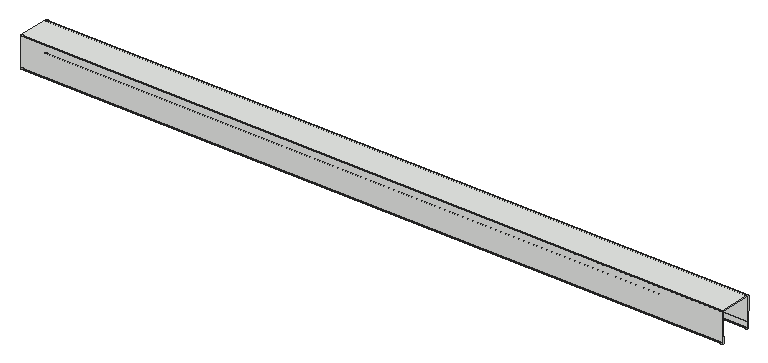
Revit family "profiles PR52 2015", category Generic Models, Revit 2015
Parameters (values of type "ISOLAMIN PR52 flashing")
  Profile Length [instance] = 1180 mm
Reference planes
  plane 1 "Center (Front/Back)": y = 0
  plane 2: z = 0
  plane 3 "Center (Left/Right)": x = 0
  plane 4: x = 1180
Forms (mm)
  Extrusion 1, solid, material "ISOLAMIN Surface Material"
    sketch origin (0, 5.267, -2.341) x (0, 1, 0) y (0, 0, 1)
      loop
        line (-4.947, 3.675) -> (-4.947, 51.675)
        arc (-4.947, 51.675) -> (-5.24, 52.382) -> (-5.947, 52.675) r 1
        line (-5.947, 52.675) -> (-57.947, 52.675)
        arc (-57.947, 52.675) -> (-58.654, 52.382) -> (-58.947, 51.675) r 1
        line (-58.947, 51.675) -> (-58.947, 3.675)
        arc (-58.947, 3.675) -> (-57.947, 2.675) -> (-56.947, 3.675) r 1
        line (-56.947, 3.675) -> (-56.947, 12.675) -> (-57.947, 12.675) -> (-57.947, 51.175)
        arc (-57.947, 51.175) -> (-57.8, 51.528) -> (-57.447, 51.675) r 0.5
        line (-57.447, 51.675) -> (-6.447, 51.675)
        arc (-6.447, 51.675) -> (-6.093, 51.528) -> (-5.947, 51.175) r 0.5
        line (-5.947, 51.175) -> (-5.947, 12.675) -> (-6.947, 12.675) -> (-6.947, 3.675)
        arc (-6.947, 3.675) -> (-5.947, 2.675) -> (-4.947, 3.675) r 1
    from 0 to 1180
Dimensions and locks
  "Profile Length": plane 3 "Center (Left/Right)" to plane 4
  level to Extrusion 1 = 50.334 mm
  aligned and locked: level to plane 2
  aligned and locked: plane 4 to Extrusion 1
Automatic sketch dimensions
  plane 1 "Center (Front/Back)" to Extrusion 1 sketch curve = 1.68 mm
  Extrusion 1 sketch curve to Extrusion 1 sketch curve = 1 mm  (x3)
  level to Extrusion 1 sketch curve = 1.334 mm  (x2)
  Extrusion 1 sketch curve to Extrusion 1 sketch curve = 9 mm  (x2)
  Extrusion 1 sketch curve to Extrusion 1 sketch curve = 0.5 mm  (x5)
  Extrusion 1 sketch curve to Extrusion 1 sketch curve = 50 mm
  Extrusion 1 sketch curve to Extrusion 1 sketch curve = 39 mm
  Extrusion 1 sketch curve to Extrusion 1 sketch curve = 0 mm
